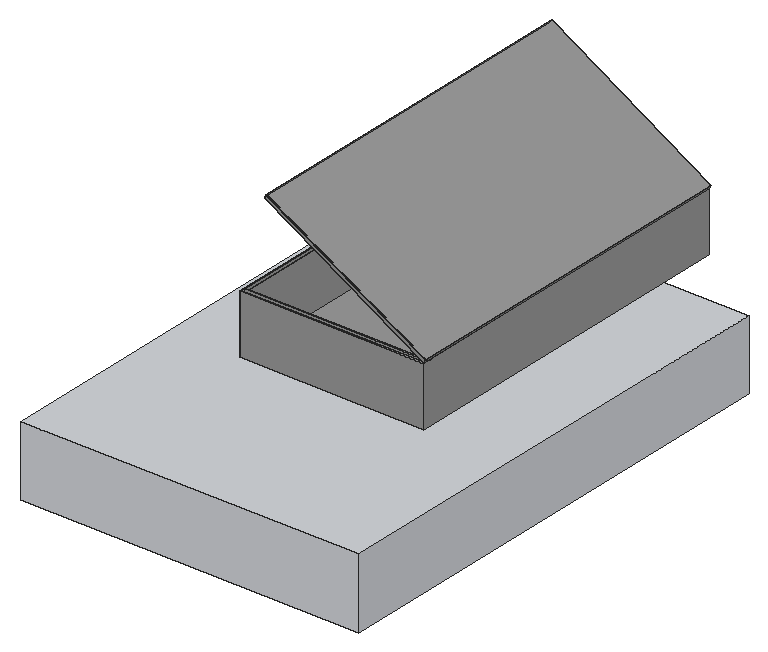
Revit family "Hager-Univers-IP55-D275-H1550-Cl.II-Steel_encl-NL-en", category Equipement électrique, Revit 2020
Family settings
  Hôte = Face
  Configuration du panneau = Deux colonnes, circuits au sein
  Cote de connecteur circulaire = Utiliser le diamètre
  Type d'élément = Tableau de raccordement
  Couper avec des vides une fois chargée = Non
  Partagée = Non
  Point de calcul de pièce = Non
Parameters (values of type "Surface mounted (plaster) IP55 W800 H1550 D275  - FR03S")
  Width Control [instance] = if([EF000008 - Width] > Min Width, [EF000008 - Width], Min Width)  # 800 mm
  Commentaires du type = [HG000003 - Range]  # "Univers"
  Thickness Door [instance] = if([EF009171 - Material plate thickness door/cover] > 3 mm, 3 mm, [EF009171 - Material plate thickness door/cover])  # 1.5 mm
  Seal Frame Offset [instance] = 17 mm  # constant formula
  Plinth Visibility [instance] = [HG000027 - Plinth height] > 0 mm  # no
  Model = ""
  Min Width [instance] = 100 mm  # constant formula
  Min Height [instance] = 100 mm  # constant formula
  Min Depth [instance] = (2 * [EF009170 - Material plate thickness cabinet]) + 1 mm  # 4 mm
  Internal Frame Depth [instance] = (Door System Depth * 0.5)  # 9 mm
  Height Control [instance] = if([EF000040 - Height] > Min Height, [EF000040 - Height], Min Height)  # 1550 mm
  HG000027 - Plinth height = 0 mm
  HG000026 - Floor standing = no
  HG000024 - Bottom section height = 800 mm
  HG000023 - Double section enclosure = no
  HG000016 - Door 3d visibility [instance] = yes
  HG000015 - Clearance visibility [instance] = no
  HG000014 - Door on the right [instance] = yes
  HG000013 - Door on the left [instance] = not([HG000014 - Door on the right])  # no
  HG000012 - Door swing angle [instance] = 30.00°
  HG000010 - Asymmetric doors = no
  HG000009 - Double swing door = no
  HG000006 - Flush mounted = no
  HG000004 - Manufacturer reference = "FR03S"
  HG000003 - Range = "Univers"
  HG000002 - With door or cover = yes
  Frame Offset Bottom [instance] = 10 mm  # constant formula
  Frame Offset [instance] = 15 mm  # constant formula
  EF015940 - Cover with overpressure release = no
  EF011959 - Degree of protection (NEMA) = ""
  EF009554 - Number of openings for flange plates = 6
  EF009212 - Cover model = "EV000116 - Closed"
  EF009171 - Material plate thickness door/cover = 1.5 mm
  EF009170 - Material plate thickness cabinet = 1.5 mm
  Fabricant = "Hager"  # constant formula
  EF008873 - Nominal current (In) = 800 A
  EF007800 - Suitable for lightning protection = no
  EF006306 - With lock = no
  EF006244 - Transparent cover/door = no
  EF005474 - Degree of protection (IP) = "EV006420 - IP55"
  EF004464 - Type of door = "EV002646 - Single"
  EF004427 - Number of modules = 360
  EF004293 - Impact strength = "EV008784 - IK10"
  EF003532 - Suitable for outdoor use = no
  EF002950 - Width in number of modular spacings = 24
  EF001613 - Circuit integrity = "EV000494 - None"
  EF001596 - Material housing = "EV000179 - Steel"
  EF001131 - Internal depth = 275 mm
  EF001088 - Extension possible = yes
  EF000437 - Number of conduit inlets = 6
  EF000339 - Type of cover = "EV004216 - Door"
  EF000266 - Number of rows = 10
  EF000218 - Built-in depth = 0 mm
  EF000118 - With mounting plate = no
  EF000116 - RAL-number = "7035"
  EF000049 - Depth = 275 mm
  EF000040 - Height = 1550 mm
  EF000008 - Width = 800 mm
  EF000007 - Colour = "EV000270 - Grey"
  EF000003 - Mounting method = "EV000384 - Surface mounted (plaster)"
  Door System Leaf Tolerance [instance] = 1.5 mm  # constant formula
  Door System Depth [instance] = 18 mm  # constant formula
  Door Height [instance] = Height Control - [HG000027 - Plinth height]  # 1550 mm
  Depth Control [instance] = if([EF000049 - Depth] > Min Depth, [EF000049 - Depth], Min Depth)  # 275 mm
  Default Elevation = 0 mm
  Connector Offset [instance] = Height Control / 2  # 775 mm
  Bottom Top Plate Trim [instance] = 1.5 mm  # constant formula
  Plinth height Ctrl [instance] = if([HG000027 - Plinth height] > 0 mm, [HG000027 - Plinth height], 12 mm)  # 12 mm
Types (5, lengths in mm): name | Width Control | HG000010 - Asymmetric doors | HG000009 - Double swing door | HG000004 - Manufacturer reference | EF009554 - Number of openings for flange plates | EF004464 - Type of door | EF004427 - Number of modules | EF000437 - Number of conduit inlets | EF000008 - Width
  Surface mounted (plaster) IP55 W1050 H1550 D275  - FR04S | 1050 | no | yes | "FR04S" | 8 | "EV003602 - Double" | 480 | 8 | 1050
  Surface mounted (plaster) IP55 W1300 H1550 D275  - FR05S | 1300 | yes | yes | "FR05S" | 10 | "EV003602 - Double" | 600 | 10 | 1300
  Surface mounted (plaster) IP55 W300 H1550 D275  - FR01S | 300 | no | no | "FR01S" | 2 | "EV002646 - Single" | 120 | 2 | 300
  Surface mounted (plaster) IP55 W550 H1550 D275  - FR02S | 550 | no | no | "FR02S" | 4 | "EV002646 - Single" | 240 | 4 | 550
  Surface mounted (plaster) IP55 W800 H1550 D275  - FR03S | 800 | no | no | "FR03S" | 6 | "EV002646 - Single" | 360 | 6 | 800
Reference planes
  plane 1 "Center (Front/Back)": y = 0
  plane 2: z = 0
  plane 3 "Center (Left/Right)": x = 0
  plane 4: z = 275
  plane 5: y = 1.5
  plane 6: y = 775
  plane 7: y = 0
  plane 8: y = 1550
  plane 9: z = 0
  plane 10: x = -385
  plane 11: x = 385
  plane 12: x = 383.5
  plane 13: x = -383.5
  plane 14: y = 1548.5
  plane 15: x = -383
  plane 16: x = -400
  plane 17: x = 383
  plane 18: x = 400
  plane 19: x = 398.5
  plane 20: x = -398.5
  plane 21: y = 11.5
  plane 22: y = 1550
  plane 23: y = 1533.5
  plane 24: z = 257
  plane 25: z = 1.5
  plane 26: z = 255.5
  plane 27: z = 273.5
Forms (mm)
  Extrusion 1, solid
    sketch origin (0, 0, 0) x (1, 0, 0) y (0, 1, 0)
      loop
        line (-702.964, 1305) -> (-702.964, -811.445) -> (766.763, -811.445) -> (766.763, 1305) -> (-702.964, 1305)
    from 0 to -304.8
  Extrusion 2, solid, material "Hager_Steel_RAL7035_Light_Grey", visible <- "Plinth Visibility", detail levels medium+fine
    sketch origin (0, 0, 0) x (1, 0, 0) y (0, 1, 0)
      loop
        line (-400, 0) -> (400, 0) -> (400, 12) -> (-400, 12) -> (-400, 0)
    from 0 to 257
  Extrusion 3, solid, material "Hager_Steel_RAL7035_Light_Grey", detail levels medium+fine
    sketch origin (0, 0, 0) x (1, 0, 0) y (0, 1, 0)
      loop
        line (-400, 0) -> (400, 0) -> (400, 1550) -> (-400, 1550) -> (-400, 0)
    from 0 to 257
  Extrusion 4, void
    sketch origin (0, 0, 0) x (1, 0, 0) y (0, 1, 0)
      loop
        line (-398.5, 1.5) -> (398.5, 1.5) -> (398.5, 1548.5) -> (-398.5, 1548.5) -> (-398.5, 1.5)
    from 1.5 to 255.5
  Extrusion 5, void
    sketch origin (-381.607, -4572, 257) x (0, -1, 0) y (-1, 0, 0)
      loop
        line (-4583.5, 1.893) -> (-6105.5, 1.893) -> (-6105.5, -765.107) -> (-4583.5, -765.107) -> (-4583.5, 1.893)
    from 0 to 1.5 <- "EF009170 - Material plate thickness cabinet"
  Extrusion 6, solid, material "Hager_Steel_RAL7035_Light_Grey", detail levels fine
    sketch origin (0, 0, 257) x (1, 0, 0) y (0, 1, 0)
      loop
        line (-383.5, 1533.5) -> (-383.5, 11.5) -> (383.5, 11.5) -> (383.5, 1533.5) -> (-383.5, 1533.5)
      loop
        line (-385, 10) -> (385, 10) -> (385, 1535) -> (-385, 1535) -> (-385, 10)
    from 0 to 9 <- "Internal Frame Depth"
  Extrusion 7, solid, material "Hager_Steel_RAL7035_Light_Grey", detail levels coarse
    sketch origin (0, 0, 0) x (1, 0, 0) y (0, 1, 0)
      loop
        line (-400, 0) -> (400, 0) -> (400, 1550) -> (-400, 1550) -> (-400, 0)
    from 0 to 275
  Sweep 8, void
    path in 3D
      loop
        line (-400, 12, 0) -> (400, 12, 0) -> (400, 12, 257) -> (-400, 12, 257) -> (-400, 12, 0)
    profile origin (-400, 12, 128.5) x (-1, 0, 0) y (0, -1, 0)
      loop
        line (0, 0) -> (0, 1.5) -> (-1.5, 1.5)
        arc (-1.5, 1.5) -> (-1.061, 0.439) -> (0, 0) r 1.5
Cuts and joins
  Extrusion 4, Extrusion 5 cuts Extrusion 3
  Sweep 8 cuts Extrusion 2
Lines and regions (mm)
  Masking region 1
    outline origin (0, 0, 0) x (1, 0, 0) y (0, 0, 1)
      loop
        line (-400, 275) -> (-400, 0) -> (400, 0) -> (400, 275) -> (-400, 275)
  Masking region 2, detail levels medium+fine
    outline origin (0, 140, 0) x (0, 1, 0) y (0, 0, 1)
      loop
        line (-140, 0) -> (1410, 0) -> (1410, 257) -> (-140, 257) -> (-140, 0)
  Masking region 3, not visible, detail levels medium+fine
    outline origin (0, 297.922, 0) x (0, 1, 0) y (0, 0, 1)
      loop
        line (488.578, 0) -> (528.578, 0) -> (528.578, 263.5)
        arc (528.578, 263.5) -> (525.649, 270.571) -> (518.578, 273.5) r 10
        line (518.578, 273.5) -> (488.578, 273.5) -> (488.578, 0)
  Masking region 4, detail levels coarse
    outline origin (0, 0, 180) x (0, 1, 0) y (0, 0, 1)
      loop
        line (0, -180) -> (1550, -180) -> (1550, 95) -> (0, 95) -> (0, -180)
  Masking region 5, visible <- "Plinth Visibility", detail levels medium+fine
    outline origin (0, 52.24, 12.345) x (0, 0, -1) y (0, 1, 0)
      loop
        line (10.845, -40.24) -> (-243.155, -40.24)
        arc (-243.155, -40.24) -> (-243.594, -41.301) -> (-244.655, -41.74) r 1.5
        line (-244.655, -41.74) -> (-244.655, -52.24) -> (12.345, -52.24) -> (12.345, -41.74)
        arc (12.345, -41.74) -> (11.285, -41.301) -> (10.845, -40.24) r 1.5
  Masking region 6, detail levels medium+fine
    outline origin (-381.607, -4572, 257) x (-1, 0, 0) y (0, -1, 0)
      loop
        line (18.393, -6122) -> (18.393, -4572) -> (-781.607, -4572) -> (-781.607, -6122) -> (18.393, -6122)
  Masking region 7, visible <- "Plinth Visibility", detail levels medium+fine
    outline origin (-381.607, -4727, 257) x (-1, 0, 0) y (0, -1, 0)
      loop
        arc (16.893, -4739) -> (17.332, -4737.939) -> (18.393, -4737.5) r 1.5
        line (18.393, -4737.5) -> (18.393, -4727) -> (-781.607, -4727) -> (-781.607, -4737.5)
        arc (-781.607, -4737.5) -> (-780.546, -4737.939) -> (-780.107, -4739) r 1.5
        line (-780.107, -4739) -> (16.893, -4739)
  Masking region 8, detail levels coarse
    outline origin (-442.548, -4669.526, 257) x (-1, 0, 0) y (0, -1, 0)
      loop
        line (-42.548, -6219.526) -> (-42.548, -4669.526) -> (-842.548, -4669.526) -> (-842.548, -6219.526) -> (-42.548, -6219.526)
  sketch lines
    curve 1: line (-400, 12, 257) -> (-400, 12, 0)
    curve 2: line (400, 12, 257) -> (-400, 12, 257)
    curve 3: line (400, 12, 257) -> (400, 12, 0)
    curve 4: line (-400, 12, 0) -> (400, 12, 0)
Dimensions and locks
  "Depth Control": plane 4 to Extrusion 1
  "HG000027 - Plinth height": plane 1 "Center (Front/Back)" to plane 7
  "EF009170 - Material plate thickness cabinet": plane 5 to plane 7
  locked: connector elem to plane 3 "Center (Left/Right)"
  equal spacing: plane 8, plane 6, plane 7
  locked: connector elem to plane 6
  "EF009170 - Material plate thickness cabinet": plane 8 to plane 14
  "EF009170 - Material plate thickness cabinet": plane 10 to plane 13
  "EF009170 - Material plate thickness cabinet": plane 12 to plane 11
  "Frame Offset": plane 20 to plane 13
  "Frame Offset": plane 12 to plane 19
  "EF009170 - Material plate thickness cabinet": plane 16 to plane 20
  "EF009170 - Material plate thickness cabinet": plane 19 to plane 18
  "Seal Frame Offset": plane 16 to plane 15
  "Seal Frame Offset": plane 17 to plane 18
  "Frame Offset Bottom": plane 21 to plane 5
  "Frame Offset": plane 14 to plane 23
  equal spacing: plane 16, plane 3 "Center (Left/Right)", plane 18
  "Width Control": plane 16 to plane 18
  "EF009170 - Material plate thickness cabinet": plane 4 to plane 27
  "EF009170 - Material plate thickness cabinet": plane 24 to plane 26
  "EF009170 - Material plate thickness cabinet": plane 25 to level
  "Door System Depth": plane 4 to plane 24
  "Height Control": plane 1 "Center (Front/Back)" to Extrusion 7 sketch curve
  "Height Control": Masking region 4 sketch curve to plane 1 "Center (Front/Back)"
  "Height Control": plane 1 "Center (Front/Back)" to plane 22
  "Bottom Top Plate Trim": profile plane to Sweep 8 sketch curve
  "Bottom Top Plate Trim": Sweep 8 sketch curve to profile plane
  "Plinth height Ctrl": plane 1 "Center (Front/Back)" to Extrusion 2 sketch curve
  "Plinth height Ctrl": Masking region 5 sketch curve to plane 1 "Center (Front/Back)"
  "Plinth height Ctrl": plane 1 "Center (Front/Back)" to Masking region 7 sketch curve
  "Thickness Door": Extrusion 6 sketch curve to Extrusion 6 sketch curve  (x3)
  "Thickness Door": cut or joined group of Extrusion 3, Extrusion 4, Extrusion 5 to Extrusion 6 sketch curve
  radius of Masking region 3 sketch curve = 10 mm
  "Bottom Top Plate Trim": radius of Masking region 5 sketch curve  (x2)
  "Bottom Top Plate Trim": radius of Sweep 8 sketch curve
  "Bottom Top Plate Trim": radius of Masking region 7 sketch curve  (x2)
  aligned and locked: plane 2 to Extrusion 1
  aligned and locked: level to Extrusion 1
  aligned and locked: level to Masking region 1 sketch curve
  aligned and locked: Masking region 1 sketch curve to plane 18
  aligned and locked: Masking region 1 sketch curve to plane 16
  aligned and locked: plane 7 to Masking region 2 sketch curve
  aligned and locked: level to Masking region 3 sketch curve
  aligned and locked: Masking region 3 sketch curve to plane 27
  aligned and locked: level to Masking region 2 sketch curve
  aligned and locked: plane 1 "Center (Front/Back)" to Extrusion 2 sketch curve
  aligned and locked: Extrusion 3 sketch curve to plane 7
  aligned and locked: plane 16 to Extrusion 3 sketch curve
  aligned and locked: plane 18 to Extrusion 3 sketch curve
  aligned and locked: plane 20 to Extrusion 4 sketch curve
  aligned and locked: plane 19 to Extrusion 4 sketch curve
  aligned and locked: Extrusion 4 sketch curve to plane 5
  aligned and locked: Extrusion 4 to plane 25
  aligned and locked: plane 26 to Extrusion 4
  aligned and locked: plane 24 to Extrusion 3
  aligned and locked: Extrusion 5 sketch curve to plane 21
  aligned and locked: Extrusion 5 sketch curve to plane 13
  aligned and locked: Extrusion 5 sketch curve to plane 12
  aligned and locked: plane 18 to Extrusion 7 sketch curve
  aligned and locked: plane 1 "Center (Front/Back)" to Extrusion 7 sketch curve
  aligned and locked: plane 16 to Extrusion 7 sketch curve
  aligned and locked: plane 4 to Extrusion 7
  aligned and locked: Extrusion 7 to level
  aligned and locked: level to Masking region 4 sketch curve
  aligned and locked: Masking region 4 sketch curve to plane 1 "Center (Front/Back)"
  aligned and locked: Masking region 4 sketch curve to plane 4
  aligned and locked: nested 1 to level
  aligned and locked: nested 1 to plane 16
  aligned and locked: plane 8 to Extrusion 3 sketch curve
  aligned and locked: plane 23 to Extrusion 5 sketch curve
  aligned and locked: plane 14 to Extrusion 4 sketch curve
  aligned and locked: Masking region 2 sketch curve to plane 8
  aligned and locked: level to Masking region 5 sketch curve
  aligned and locked: plane 16 to Extrusion 2 sketch curve
  aligned and locked: plane 18 to Extrusion 2 sketch curve
  aligned and locked: Masking region 5 sketch curve to plane 24
  aligned and locked: Masking region 2 sketch curve to plane 24
  aligned and locked: plane 24 to Extrusion 2
  aligned and locked: profile plane to Sweep 8 sketch curve  (x2)
  aligned and locked: Masking region 6 sketch curve to plane 18
  aligned and locked: Masking region 6 sketch curve to plane 22
  aligned and locked: Masking region 6 sketch curve to plane 16
  aligned and locked: plane 8 to plane 22
  aligned and locked: Masking region 6 sketch curve to plane 7
  aligned and locked: Masking region 7 sketch curve to plane 16
  aligned and locked: Masking region 7 sketch curve to plane 1 "Center (Front/Back)"
  aligned and locked: Masking region 7 sketch curve to plane 18
  aligned and locked: Masking region 8 sketch curve to plane 1 "Center (Front/Back)"
  aligned and locked: Masking region 8 sketch curve to plane 18
  aligned and locked: Masking region 8 sketch curve to plane 22
  aligned and locked: Masking region 8 sketch curve to plane 16
  aligned and locked: nested 2 to plane 7
  aligned and locked: plane 3 "Center (Left/Right)" to nested 2
  aligned and locked: nested 2 to plane 24
  aligned and locked: Extrusion 6 sketch curve to cut or joined group of Extrusion 3, Extrusion 4, Extrusion 5  (x4)
Automatic sketch dimensions
  Extrusion 1 sketch curve to Extrusion 1 sketch curve = 1469.727 mm
  Extrusion 1 sketch curve to Extrusion 1 sketch curve = 2116.445 mm
  Masking region 1 sketch curve to plane 4 = 0 mm
  plane 6 to Masking region 3 sketch curve = 11.5 mm
  Masking region 3 sketch curve to Masking region 3 sketch curve = 30 mm
  Masking region 5 sketch curve to plane 1 "Center (Front/Back)" = 0 mm
Nested families
  nested 1: "Hager_Enclosure_Symbol" at (-400, 0, 0) x (1, 0, 0) z (0, -1, 0), Height <- "Depth Control", Width <- "Width Control", type "Hager_Enclosure_Symbol"
    with Width_Ctrl 800 mm, Width 800 mm, Height_Ctrl 275 mm, Height 275 mm, A_Width_Int 18.047 mm, A_Width 216.562 mm, A_Height_Ctrl 240.625 mm, A_Height 240.625 mm
  nested 2: "EC000058_Univers_Door" at (0, 0, 257) x (1, 0, 0) z (0, 1, 0), Leaf_Tolerance <- "Door System Leaf Tolerance", Angle <- "HG000012 - Door swing angle", Door_Depth <- "Door System Depth", Door_Left <- "HG000013 - Door on the left", Transparent <- "EF006244 - Transparent cover/door", Assymetrical <- "HG000010 - Asymmetric doors", Width <- "Width Control", Clearance <- "HG000015 - Clearance visibility", Double <- "HG000009 - Double swing door", 3d_Door <- "HG000016 - Door 3d visibility", Lock_Visibility <- "EF006306 - With lock", Width_Ctrl <- "Width Control", Door_Right <- "HG000014 - Door on the right", Door <- "HG000002 - With door or cover", Height <- "Door Height", Thickness <- "Thickness Door", type "EC000058_Univers_Door", detail levels medium+fine
    with min_wh 4 mm, Width_Ctrl 800 mm, Width 800 mm, Transparent no, Thickness 1.5 mm, Seal_Material Hager_Rubber, Lock_Visibility no, Lock_Material Hager_Plastic_RAL9005_Jet_Black, Leaf_Width 800 mm, Leaf_Tolerance_External_Sides 0 mm, Leaf_Tolerance 1.5 mm, Leaf_Offset 0 mm, Leaf_Height 1547 mm, Leaf_2_Width 800 mm, Leaf_2_Offset 400 mm, Leaf_1_Width 800 mm, Leaf_1_Offset 400 mm, Height_Ctrl 1550 mm, Height 1550 mm, Glass_Material Hager_Glass, Double_Clearance_Ctrl no, Double no, Door_Right_Ctrl yes, Door_Right yes, Door_Material Hager_Steel_RAL7035_Light_Grey, Door_Left_Ctrl no, Door_Left no, Door_Depth 18 mm, Door yes, Clearance_Material Hager_Clearance, Clearance_Depth 800 mm, Clearance_Ctrl no, Clearance no, Assymetrical no, Angle 30.00°, 3d_Door yes
Connectors
  electrical at (0, 775, 0)
    settings: on plane 9, index 1, voltage 0 V, apparent load 0 VA, apparent load phase1 0 VA, apparent load phase2 0 VA, apparent load phase3 0 VA, power factor 1, load classification "Other", number of poles 1, system type 30, power factor state 1, is connector primary yes, connector utility no, sub classification motor no, connector description ""
Definition of nested family "EC000058_Univers_Door"
  Parameters (values of type "EC000058_Univers_Door")
    min_wh [instance] = (2 * Thickness) + 1 mm  # 11 mm
    Width_Ctrl [instance] = 400 mm
    Width [instance] = 500 mm
    Transparent [instance] = yes
    Thickness [instance] = 5 mm
    Seal_Material [instance] = none
    Lock_Visibility [instance] = yes
    Lock_Material [instance] = none
    Leaf_Width [instance] = if((Width_Ctrl - 2 * Leaf_Tolerance_External_Sides) > 0 mm, (Width_Ctrl - 2 * Leaf_Tolerance_External_Sides), min_wh)  # 400 mm
    Leaf_Tolerance_External_Sides [instance] = 0 mm  # constant formula
    Leaf_Tolerance [instance] = 1.5 mm
    Leaf_Offset [instance] = 0 mm  # constant formula
    Leaf_Height [instance] = if((Height_Ctrl - 2 * Leaf_Tolerance) > 0 mm, (Height_Ctrl - 2 * Leaf_Tolerance), min_wh)  # 497 mm
    Leaf_2_Width [instance] = if(and(and(Double, Assymetrical), Door_Left), (Leaf_Width / 3) - (Leaf_Tolerance / 2), if(and(and(Double, Assymetrical), Door_Right), (Leaf_Width / 3) * 2 - (Leaf_Tolerance / 2), if(and(Double, not(Assymetrical)), (Leaf_Width / 2) - Leaf_Tolerance, Leaf_Width)))  # 400 mm
    Leaf_2_Offset [instance] = if(and(Double, Assymetrical), Leaf_2_Width / 2, if(and(Double, not(Assymetrical)), Leaf_Width / 4, Leaf_Width / 2))  # 200 mm
    Leaf_1_Width [instance] = if(and(and(Double, Assymetrical), Door_Right), (Leaf_Width / 3) - (Leaf_Tolerance / 2), if(and(and(Double, Assymetrical), Door_Left), (Width / 3) * 2 - (Leaf_Tolerance / 2), if(and(Double, not(Assymetrical)), (Leaf_Width / 2) - Leaf_Tolerance, Leaf_Width)))  # 400 mm
    Leaf_1_Offset [instance] = if(and(Double, Assymetrical), Leaf_1_Width / 2, if(and(Double, not(Assymetrical)), Leaf_Width / 4, Leaf_Width / 2))  # 200 mm
    Height_Ctrl [instance] = if(Height > min_wh, Height, min_wh)  # 500 mm
    Height [instance] = 500 mm
    Glass_Material [instance] = none
    Double_Clearance_Ctrl [instance] = and(Double, Clearance)  # no
    Double [instance] = no
    Door_Right_Ctrl [instance] = and(or(Door_Right, Double), Door)  # yes
    Door_Right [instance] = yes
    Door_Material [instance] = none
    Door_Left_Ctrl [instance] = and(or(Door_Left, Double), Door)  # no
    Door_Left [instance] = no
    Door_Depth [instance] = 30 mm
    Door [instance] = yes
    Default Elevation = 1219.2 mm
    Clearance_Material [instance] = none
    Clearance_Depth [instance] = if(Leaf_1_Width > Leaf_2_Width, Leaf_1_Width, Leaf_2_Width)  # 400 mm
    Clearance_Ctrl [instance] = and(not(Double), Clearance)  # yes
    Clearance [instance] = yes
    Assymetrical [instance] = yes
    Angle [instance] = 30.00°
    3d_Door [instance] = yes
  Reference planes
    plane 1 "Center (Front/Back)": y = 0
    plane 2 "Bottom": z = 0
    plane 3 "Center (Left/Right)": x = 0
    plane 4: z = 500
    plane 5: x = -200
    plane 6: x = 200
    plane 7: z = 500
    plane 8: x = -200
    plane 9: z = 0
    plane 10: x = 200
    plane 11: y = 0
    plane 12: z = 1.5
    plane 13: x = -600
    plane 14: y = -400
    plane 15: x = 600
    plane 16: x = 0
    plane 17: x = 0
    plane 18: x = -200
    plane 19: x = 200
    plane 20: z = 498.5
  Forms (mm)
    Extrusion 1, solid, material <- "Clearance_Material", visible <- "Double_Clearance_Ctrl"
      sketch origin (1200, 0, 0) x (1, 0, 0) y (0, 0, -1)
        loop
          line (-1800, -498.5) -> (-600, -498.5) -> (-600, 0) -> (-1800, 0) -> (-1800, -498.5)
      from 0 to -400
  Dimensions and locks
    equal spacing: plane 5, plane 3 "Center (Left/Right)", plane 6
    "Width_Ctrl": plane 5 to plane 6
    "Leaf_Offset": plane 5 to plane 8
    "Leaf_Offset": plane 6 to plane 10
    "Leaf_Offset": plane 9 to level
    "Leaf_Offset": plane 4 to plane 7
    "Height_Ctrl": plane 4 to level
    "Leaf_Tolerance": plane 12 to plane 9
    locked: plane 11 to plane 1 "Center (Front/Back)"
    "Leaf_1_Offset": plane 18 to plane 16
    "Leaf_2_Offset": plane 17 to plane 19
    "Leaf_1_Width": plane 13 to plane 8
    "Leaf_2_Width": plane 10 to plane 15
    "Clearance_Depth": plane 14 to plane 1 "Center (Front/Back)"
    "Leaf_Tolerance_External_Sides": plane 8 to plane 18
    "Leaf_Tolerance_External_Sides": plane 19 to plane 10
    "Leaf_Tolerance": plane 7 to plane 20
    aligned and locked: level to plane 2 "Bottom"
    aligned and locked: nested 1 to plane 16
    aligned and locked: nested 2 to plane 17
    aligned and locked: Extrusion 1 to plane 13
    aligned and locked: plane 15 to Extrusion 1
    aligned and locked: Extrusion 1 to plane 14
    aligned and locked: plane 12 to nested 1
    aligned and locked: nested 2 to plane 12
    aligned and locked: Extrusion 1 to plane 11
    aligned and locked: plane 20 to Extrusion 1
    aligned and locked: nested 2 to plane 11
    aligned and locked: nested 1 to plane 11
  Automatic sketch dimensions
    Extrusion 1 sketch curve to level = 0 mm
    plane 5 to Extrusion 1 sketch curve = 400 mm
    plane 6 to Extrusion 1 sketch curve = 400 mm
    Extrusion 1 sketch curve to plane 4 = 1.5 mm
  Nested families
    nested 1: "EC000058_Univers_Door_Leaf" at (0, 0, 1.5), Width <- "Leaf_1_Width", visible <- "Door_Left_Ctrl", Leaf_Height <- "Leaf_Height", Angle <- "Angle", 3d_Door <- "3d_Door", Transparent <- "Transparent", Clearance Material <- "Clearance_Material", Clearance <- "Clearance_Ctrl", Door_Material <- "Door_Material", Glass_Material <- "Glass_Material", Door_Depth <- "Door_Depth", Lock_Material <- "Lock_Material", Seal_Material <- "Seal_Material", Lock_Visibility <- "Lock_Visibility", Thickness <- "Thickness", type "EC000058_Univers_Door_Leaf"
      with Width 400 mm, Transparent_Glass_Offset 30 mm, Transparent_Ctrl yes, Transparent yes, Thickness 5 mm, Standard no, Seal_Material none, Seal_D2 8 mm, Seal_D1 1 mm, Offset_Internal_Frame 10 mm, Lock_Width 20 mm, Lock_Visibility_3d yes, Lock_Visibility yes, Lock_Thickness_3 3 mm, Lock_Thickness_2 1 mm, Lock_Thickness_1 3 mm, Lock_Radius_Offset_2 16 mm, Lock_Radius_Offset_1 15 mm, Lock_Radius_2 5 mm, Lock_Radius 6 mm, Lock_Offset 5 mm, Lock_Material none, Lock_Height 80 mm, Lock_Cover_Top_Offset_2d 17 mm, Lock_Cover_Height -65 mm, Leaf_Height 497 mm, Internal_Seal_Thickness 8 mm, Internal_Seal_Depth_2 4.5 mm, Internal_Frame_Depth 25 mm, Glass_Thickness -1 mm, Glass_Offset -2 mm, Glass_Material none, Door_Material none, Door_Depth 30 mm, Clearance Material none, Clearance yes, Angle_Ctrl 30.00°, Angle 30.00°, 3d_Door yes
    nested 2: "EC000058_Univers_Door_Leaf" at (0, 0, 1.5) x (-1, 0, 0) z (0, 0, 1), Width <- "Leaf_2_Width", visible <- "Door_Right_Ctrl", Leaf_Height <- "Leaf_Height", Angle <- "Angle", 3d_Door <- "3d_Door", Transparent <- "Transparent", Clearance Material <- "Clearance_Material", Clearance <- "Clearance_Ctrl", Door_Material <- "Door_Material", Glass_Material <- "Glass_Material", Door_Depth <- "Door_Depth", Lock_Material <- "Lock_Material", Seal_Material <- "Seal_Material", Lock_Visibility <- "Lock_Visibility", Thickness <- "Thickness", type "EC000058_Univers_Door_Leaf"
      with Width 400 mm, Transparent_Glass_Offset 30 mm, Transparent_Ctrl yes, Transparent yes, Thickness 5 mm, Standard no, Seal_Material none, Seal_D2 8 mm, Seal_D1 1 mm, Offset_Internal_Frame 10 mm, Lock_Width 20 mm, Lock_Visibility_3d yes, Lock_Visibility yes, Lock_Thickness_3 3 mm, Lock_Thickness_2 1 mm, Lock_Thickness_1 3 mm, Lock_Radius_Offset_2 16 mm, Lock_Radius_Offset_1 15 mm, Lock_Radius_2 5 mm, Lock_Radius 6 mm, Lock_Offset 5 mm, Lock_Material none, Lock_Height 80 mm, Lock_Cover_Top_Offset_2d 17 mm, Lock_Cover_Height -65 mm, Leaf_Height 497 mm, Internal_Seal_Thickness 8 mm, Internal_Seal_Depth_2 4.5 mm, Internal_Frame_Depth 25 mm, Glass_Thickness -1 mm, Glass_Offset -2 mm, Glass_Material none, Door_Material none, Door_Depth 30 mm, Clearance Material none, Clearance yes, Angle_Ctrl 30.00°, Angle 30.00°, 3d_Door yes
  Definition of nested family "EC000058_Univers_Door_Leaf"
    Parameters (values of type "EC000058_Univers_Door_Leaf")
      Width [instance] = 2000 mm
      Transparent_Glass_Offset [instance] = 30 mm
      Transparent_Ctrl [instance] = and(Transparent, [3d_Door])  # yes
      Transparent [instance] = yes
      Thickness [instance] = 5 mm
      Standard [instance] = and(not(Transparent), [3d_Door])  # no
      Seal_Material [instance] = none
      Seal_D2 [instance] = 8 mm  # constant formula
      Seal_D1 [instance] = 1 mm  # constant formula
      Offset_Internal_Frame [instance] = 10 mm  # constant formula
      Lock_Width [instance] = 20 mm  # constant formula
      Lock_Visibility_3d [instance] = and(Lock_Visibility, [3d_Door])  # yes
      Lock_Visibility [instance] = yes
      Lock_Thickness_3 [instance] = 3 mm  # constant formula
      Lock_Thickness_2 [instance] = 1 mm  # constant formula
      Lock_Thickness_1 [instance] = 3 mm  # constant formula
      Lock_Radius_Offset_2 [instance] = Lock_Radius_Offset_1 + 1 mm  # 16 mm
      Lock_Radius_Offset_1 [instance] = 15 mm  # constant formula
      Lock_Radius_2 [instance] = Lock_Radius - 1 mm  # 5 mm
      Lock_Radius [instance] = 6 mm  # constant formula
      Lock_Offset [instance] = 5 mm  # constant formula
      Lock_Material [instance] = none
      Lock_Height [instance] = 80 mm  # constant formula
      Lock_Cover_Top_Offset_2d [instance] = Lock_Radius_Offset_2 + 1 mm  # 17 mm
      Lock_Cover_Height [instance] = -(Lock_Height - Lock_Radius_Offset_1)  # -65 mm
      Leaf_Height [instance] = 2720.336 mm
      Internal_Seal_Thickness [instance] = 8 mm  # constant formula
      Internal_Seal_Depth_2 [instance] = 4.5 mm  # constant formula
      Internal_Frame_Depth [instance] = if(Door_Depth - Thickness > 5 mm, Door_Depth - Thickness, 5 mm)  # 25 mm
      Glass_Thickness [instance] = if(Thickness > 15 mm, Glass_Offset + 10 mm, -1 mm)  # -1 mm
      Glass_Offset [instance] = if(Thickness > 15 mm, -(Thickness + 10 mm) / 2, -2 mm)  # -2 mm
      Glass_Material [instance] = none
      Door_Material [instance] = none
      Door_Depth [instance] = 30 mm
      Default Elevation = 0 mm
      Clearance Material [instance] = none
      Clearance [instance] = yes
      Angle_Ctrl [instance] = if(Angle > 180.00°, 180.00°, Angle)  # 90.00°
      Angle [instance] = 90.00°
      3d_Door [instance] = yes
    Reference planes
      plane 1 "Center (Front/Back)": y = 0
      plane 2: z = 0
      plane 3 "Center (Left/Right)": x = 0
      plane 4: y = 2000
      plane 5: x = -1000
      plane 6: x = 1000
      plane 7: x = -3000
      plane 8: z = 2720.336
      plane 9: z = 30
      plane 10: z = 2690.336
      plane 11: x = 970
      plane 12: x = -970
      plane 13: y = -3
      plane 14: z = 107.833
      plane 15: y = -5
      plane 16: y = -223.314
      plane 17: x = -1000
      plane 18: z = 1360.168
      plane 19: y = 30
    Forms (mm)
      Extrusion 1, solid, material <- "Clearance Material", visible <- "Clearance"
        sketch origin (0, 0, 0) x (1, 0, 0) y (0, 0, 1)
          loop
            line (-3000, 2720.336) -> (-3000, 0) -> (1000, 0) -> (1000, 2720.336) -> (-3000, 2720.336)
        from 0 to -2000
      Extrusion 2, solid, material <- "Door_Material", visible <- "Standard", detail levels medium+fine
        sketch origin (-1000, 0, 0) x (0, 1, 0) y (-1, 0, 0)
          loop
            line (0, 30) -> (0, 25) -> (2000, 25) -> (2000, 30) -> (0, 30)
        from 0 to 2720.336 <- "Leaf_Height"
      Extrusion 3, solid, material <- "Door_Material", visible <- "Transparent_Ctrl", detail levels medium+fine
        sketch origin (-1000, 0, 0) x (0, 1, 0) y (-1, 0, 0)
          loop
            line (0, 25) -> (2000, 25) -> (2000, 30) -> (0, 30) -> (0, 25)
        from 0 to 2720.336 <- "Leaf_Height"
      Extrusion 4, void
        sketch origin (-1025, 2000, 0) x (0, 1, 0) y (0, 0, -1)
          loop
            line (-30, -2690.336) -> (-30, -30) -> (-1970, -30) -> (-1970, -2690.336) -> (-30, -2690.336)
        from 0 to 5 <- "Thickness"
      Sweep 5, solid, material <- "Seal_Material", visible <- "Transparent_Ctrl", detail levels fine
        path in 3D
          loop
            line (-1025, 30, 30) -> (-1025, 30, 2690.336) -> (-1025, 1970, 2690.336) -> (-1025, 1970, 30) -> (-1025, 30, 30)
        profile origin (-1025, 1000, 30) x (1, 0, 0) y (0, 0, 1)
          loop
            line (0, 0) -> (0, -8) -> (1, -8) -> (1, 0) -> (0, 0)
      Extrusion 6, solid, material <- "Glass_Material", visible <- "Transparent_Ctrl", detail levels medium+fine
        sketch origin (-1030, 0, 0) x (0, 1, 0) y (0, 0, -1)
          loop
            line (1970, -2690.336) -> (1970, -30) -> (30, -30) -> (30, -2690.336) -> (1970, -2690.336)
        from -2 <- "Glass_Offset" to -1 <- "Glass_Thickness"
      Extrusion 7, solid, material <- "Door_Material", visible <- "3d_Door", detail levels medium+fine
        sketch origin (-1025, 2000, 0) x (0, -1, 0) y (0, 0, -1)
          loop
            line (0, -2720.336) -> (2000, -2720.336) -> (2000, 0) -> (0, 0) -> (0, -2720.336)
          loop
            line (1995, -5) -> (5, -5) -> (5, -2715.336) -> (1995, -2715.336) -> (1995, -5)
        from 0 to 25 <- "Internal_Frame_Depth"
      Sweep 8, solid, material <- "Seal_Material", visible <- "Transparent_Ctrl", detail levels fine
        path in 3D
          loop
            line (-1025, 0, 0) -> (-1025, 2000, 0) -> (-1025, 2000, 2720.336) -> (-1025, 0, 2720.336) -> (-1025, 0, 0)
        profile origin (-1025, 0, 1360.168) x (1, 0, 0) y (0, 1, 0)
          loop
            line (0, 10) -> (2.975, 10)
            arc (2.975, 10) -> (4.053, 10.447) -> (4.5, 11.525) r 1.525
            line (4.5, 11.525) -> (4.5, 16.527)
            arc (4.5, 16.527) -> (4.069, 17.569) -> (3.027, 18) r 1.473
            line (3.027, 18) -> (0, 18) -> (0, 10)
      Extrusion 9, solid, material <- "Lock_Material", visible <- "Lock_Visibility_3d", detail levels fine
        sketch origin (-1030, 0, 0) x (0, 1, 0) y (0, 0, -1)
          loop
            arc (1993.5, -1400.168) -> (1994.561, -1399.729) -> (1995, -1398.668) r 1.5
            line (1995, -1398.668) -> (1995, -1320.168) -> (1975, -1320.168) -> (1975, -1398.668)
            arc (1975, -1398.668) -> (1975.439, -1399.729) -> (1976.5, -1400.168) r 1.5
            line (1976.5, -1400.168) -> (1993.5, -1400.168)
        from 3 <- "Lock_Thickness_1" to 0
      Blend 10, solid, material <- "Lock_Material", visible <- "Lock_Visibility_3d", detail levels fine
        base sketch origin (-1033, 0, 0) x (0, 1, 0) y (0, 0, -1)
          loop
            line (1975, -1320.168) -> (1975, -1398.668)
            arc (1975, -1398.668) -> (1975.439, -1399.729) -> (1976.5, -1400.168) r 1.5
            line (1976.5, -1400.168) -> (1993.5, -1400.168)
            arc (1993.5, -1400.168) -> (1994.561, -1399.729) -> (1995, -1398.668) r 1.5
            line (1995, -1398.668) -> (1995, -1320.168) -> (1975, -1320.168)
        top sketch origin (-1033, 0, 0) x (0, 1, 0) y (0, 0, -1)
          loop
            line (1976, -1320.168) -> (1976, -1398.668)
            arc (1976, -1398.668) -> (1976.146, -1399.022) -> (1976.5, -1399.168) r 0.5
            line (1976.5, -1399.168) -> (1993.5, -1399.168)
            arc (1993.5, -1399.168) -> (1993.854, -1399.022) -> (1994, -1398.668) r 0.5
            line (1994, -1398.668) -> (1994, -1320.168) -> (1976, -1320.168)
        from 0 to 1 <- "Lock_Thickness_2"
      Blend 11, solid, material <- "Lock_Material", visible <- "Lock_Visibility_3d", detail levels fine
        base sketch origin (-1034, 0, 0) x (0, 1, 0) y (0, 0, -1)
          loop
            line (1978, -1320.168) -> (1978, -1384.168)
            arc (1978, -1384.168) -> (1985, -1391.168) -> (1992, -1384.168) r 7
            line (1992, -1384.168) -> (1992, -1320.168) -> (1978, -1320.168)
        top sketch origin (-1034, 0, 0) x (0, 1, 0) y (0, 0, -1)
          loop
            line (1991, -1320.168) -> (1979, -1320.168) -> (1979, -1383.168)
            arc (1979, -1383.168) -> (1985, -1389.168) -> (1991, -1383.168) r 6
            line (1991, -1383.168) -> (1991, -1320.168)
        from 0 to 3 <- "Lock_Thickness_3"
      Extrusion 12, solid, material <- "Lock_Material", visible <- "Lock_Visibility_3d", detail levels fine
        sketch origin (-1030, 1975, 1320.168) x (1, 0, 0) y (0, -1, 0)
          loop
            line (-7, -19) -> (-7, -1) -> (0, -1) -> (0, 0) -> (-8, 0) -> (-8, -20) -> (0, -20) -> (0, -19) -> (-7, -19)
        from 0 to -65 <- "Lock_Cover_Height"
      Extrusion 13, void
        sketch origin (-1038, 1995, 1320.168) x (-1, 0, 0) y (0, 0, -1)
          loop
            line (-5, -65) -> (0, -65) -> (-5, -60) -> (-5, -65)
        from 0 to 20 <- "Lock_Width"
      Extrusion 14, void
        sketch origin (-1038, 1975, 1320.168) x (0, -1, 0) y (0, 0, -1)
          loop
            circle (-10, -15.995) r 6
          loop
            circle (-10, -15.995) r 5
        from 0 to 2
      Extrusion 15, solid, material <- "Lock_Material", visible <- "Lock_Visibility_3d", detail levels medium
        sketch origin (-1030, 0, 0) x (0, 1, 0) y (0, 0, -1)
          loop
            arc (1993.5, -1400.168) -> (1994.561, -1399.729) -> (1995, -1398.668) r 1.5
            line (1995, -1398.668) -> (1995, -1320.168) -> (1975, -1320.168) -> (1975, -1398.668)
            arc (1975, -1398.668) -> (1975.439, -1399.729) -> (1976.5, -1400.168) r 1.5
            line (1976.5, -1400.168) -> (1993.5, -1400.168)
        from 8 to 0
    Cuts and joins
      Extrusion 4 cuts Extrusion 3
      Extrusion 13, Extrusion 14 cuts Extrusion 9
      Extrusion 14 cuts Blend 11
      Extrusion 13, Extrusion 14 cuts Extrusion 12
      joined: Extrusion 9, Blend 10, Blend 11, Extrusion 12
      Extrusion 14 cuts Extrusion 15
    Lines and regions (mm)
      Masking region 1, visible <- "Lock_Visibility", detail levels fine
        outline origin (0, 0, 0) x (0, 1, 0) y (0, 0, 1)
          loop
            line (30, 1320.168) -> (33, 1320.168) -> (33, 1400.168) -> (30, 1400.168) -> (30, 1320.168)
      Masking region 2, visible <- "Lock_Visibility", detail levels fine
        outline origin (0, 3.143, 0) x (0, 1, 0) y (0, 0, 1)
          loop
            line (29.857, 1354.168) -> (30.857, 1354.168) -> (30.857, 1366.168) -> (29.857, 1366.168) -> (29.857, 1354.168)
      Masking region 3, detail levels medium+fine
        outline origin (0, 0, 0) x (0, 1, 0) y (0, 0, 1)
          loop
            line (0, 0) -> (30, 0) -> (30, 2720.336) -> (0, 2720.336) -> (0, 0)
      Masking region 4, detail levels medium+fine
        outline origin (0, 0, 0) x (1, 0, 0) y (0, 0, 1)
          loop
            line (-1000, 2720.336) -> (-1000, 0) -> (1000, 0) -> (1000, 2720.336) -> (-1000, 2720.336)
      Masking region 5, visible <- "Lock_Visibility", detail levels fine
        outline origin (-47.116, 0, 0) x (1, 0, 0) y (0, 0, 1)
          loop
            arc (1024.616, 1399.168) -> (1023.556, 1398.729) -> (1023.116, 1397.668) r 1.5
            line (1023.116, 1397.668) -> (1023.116, 1320.168) -> (1041.116, 1320.168) -> (1041.116, 1397.668)
            arc (1041.116, 1397.668) -> (1040.677, 1398.729) -> (1039.616, 1399.168) r 1.5
            line (1039.616, 1399.168) -> (1024.616, 1399.168)
      Masking region 6, visible <- "Lock_Visibility", detail levels medium+fine
        outline origin (-25, 0, 0) x (1, 0, 0) y (0, 0, 1)
          loop
            arc (1001.5, 1400.168) -> (1000.439, 1399.729) -> (1000, 1398.668) r 1.5
            line (1000, 1398.668) -> (1000, 1320.168) -> (1020, 1320.168) -> (1020, 1398.668)
            arc (1020, 1398.668) -> (1019.561, 1399.729) -> (1018.5, 1400.168) r 1.5
            line (1018.5, 1400.168) -> (1001.5, 1400.168)
      Masking region 7, visible <- "Lock_Visibility", detail levels fine
        outline origin (-73.735, 0, 0) x (1, 0, 0) y (0, 0, 1)
          loop
            line (1051.735, 1382.168) -> (1065.735, 1382.168) -> (1065.735, 1384.168)
            arc (1065.735, 1384.168) -> (1058.735, 1391.168) -> (1051.735, 1384.168) r 7
            line (1051.735, 1384.168) -> (1051.735, 1382.168)
      Masking region 8, visible <- "Lock_Visibility", detail levels fine
        outline origin (-73.735, 0, 0) x (1, 0, 0) y (0, 0, 1)
          loop
            line (1052.735, 1382.168) -> (1064.735, 1382.168) -> (1064.735, 1383.168)
            arc (1064.735, 1383.168) -> (1058.735, 1389.168) -> (1052.735, 1383.168) r 6
            line (1052.735, 1383.168) -> (1052.735, 1382.168)
      Masking region 9, visible <- "Lock_Visibility", detail levels fine
        outline origin (-25, 0, 0) x (1, 0, 0) y (0, 0, 1)
          loop
            line (1020, 1320.168) -> (1020, 1382.168) -> (1000, 1382.168) -> (1000, 1320.168) -> (1020, 1320.168)
      Masking region 10, detail levels medium+fine
        outline origin (0, 0, 0) x (1, 0, 0) y (0, 0, 1)
          loop
            circle (985, 1335.144) r 6
      Masking region 11, detail levels fine
        outline origin (0, 0, 0) x (1, 0, 0) y (0, 0, 1)
          loop
            circle (985, 1335.144) r 5
      Masking region 12, visible <- "Lock_Visibility", detail levels fine
        outline origin (0, 12.767, 0) x (0, 1, 0) y (0, 0, 1)
          loop
            line (20.233, 1320.168) -> (21.233, 1320.168) -> (21.233, 1399.168) -> (20.233, 1400.168) -> (20.233, 1320.168)
      Masking region 13, visible <- "Lock_Visibility", detail levels fine
        outline origin (0, 13.767, -10) x (0, 1, 0) y (0, 0, 1)
          loop
            line (20.233, 1330.168) -> (23.233, 1330.168) -> (23.233, 1399.168) -> (20.233, 1402.168) -> (20.233, 1330.168)
      Masking region 14, visible <- "Lock_Visibility", detail levels fine
        outline origin (0, 12.767, -10) x (0, 1, 0) y (0, 0, 1)
          loop
            line (20.233, 1330.168) -> (25.233, 1330.168) -> (25.233, 1399.305) -> (20.233, 1394.305) -> (20.233, 1330.168)
      Masking region 15, visible <- "Lock_Visibility", detail levels medium
        outline origin (0, 0, 0) x (0, 1, 0) y (0, 0, 1)
          loop
            line (30, 1320.168) -> (38, 1320.168) -> (38, 1400.168) -> (30, 1400.168) -> (30, 1320.168)
      Masking region 16, visible <- "Lock_Visibility", detail levels fine
        outline origin (-1000, 0, 0) x (0, 1, 0) y (-1, 0, 0)
          loop
            line (1975, 30) -> (1995, 30) -> (1995, 38) -> (1975, 38) -> (1975, 30)
          loop
            line (1979, 37) -> (1976, 37) -> (1976, 34) -> (1978, 34) -> (1979, 37)
          loop
            line (1994, 37) -> (1991, 37) -> (1992, 34) -> (1994, 34) -> (1994, 37)
      Masking region 17, visible <- "Lock_Visibility", detail levels medium
        outline origin (-1000, 0, 0) x (0, 1, 0) y (-1, 0, 0)
          loop
            line (1975, 30) -> (1995, 30) -> (1995, 38) -> (1975, 38) -> (1975, 30)
      symbolic lines
        curve 1: line (1000, 0, 0) -> (-3000, 0, 0)
        curve 2: arc (1000, 0, 0) -> (-1000, 2000, 0) -> (-3000, 0, 0) r 2000
        curve 4: line (-1030, 0, 0) -> (-1030, 2000, 0)
      reference lines
        curve 3: line (-1000, 0, 0) -> (-1000, 2000, 0)
      symbolic lines, detail levels medium+fine
        curve 5: line (-1030, 2000, 0) -> (-1025, 2000, 0)
        curve 7: line (-1025, 0, 0) -> (-1030, 0, 0)
        curve 8: line (-1025, 0, 0) -> (-1000, 0, 0)
        curve 9: line (-1000, 0, 0) -> (-1000, 2000, 0)
        curve 10: line (-1000, 2000, 0) -> (-1025, 2000, 0)
      symbolic lines, detail levels fine
        curve 6: line (-1025, 2000, 0) -> (-1025, 0, 0)
      sketch lines
        curve 11: line (-1025, 0, 2720.336) -> (-1025, 0, 0)
        curve 12: line (-1025, 2000, 0) -> (-1025, 0, 0)
        curve 13: line (-1025, 2000, 2720.336) -> (-1025, 2000, 0)
        curve 14: line (-1025, 0, 2720.336) -> (-1025, 2000, 2720.336)
        curve 15: line (-1025, 1970, 30) -> (-1025, 30, 30)
        curve 16: line (-1025, 30, 30) -> (-1025, 30, 2690.336)
        curve 17: line (-1025, 1970, 2690.336) -> (-1025, 1970, 30)
        curve 18: line (-1025, 30, 2690.336) -> (-1025, 1970, 2690.336)
      symbolic lines, visible <- "Transparent", detail levels medium+fine
        curve 19: line (-970, 0, 2690.336) -> (970, 0, 2690.336)
        curve 20: line (-970, 0, 30) -> (-970, 0, 2690.336)
        curve 21: line (970, 0, 30) -> (-970, 0, 30)
        curve 22: line (970, 0, 2690.336) -> (970, 0, 30)
    Dimensions and locks
      "Width": plane 1 "Center (Front/Back)" to plane 4
      equal spacing: plane 5, plane 3 "Center (Left/Right)", plane 6
      "Width": plane 5 to plane 6
      "Width": plane 7 to plane 5
      "Leaf_Height": plane 8 to level
      "Width": curve 5 to curve 3
      "Width": curve 3 to curve 3
      plane 8 to plane 10 = 30 mm
      plane 9 to level = 30 mm
      plane 12 to plane 5 = 30 mm
      plane 6 to plane 11 = 30 mm
      Extrusion 1 to Extrusion 4 sketch curve = 30 mm
      "Transparent_Glass_Offset": curve 3 to Extrusion 4 sketch curve
      "Transparent_Glass_Offset": Extrusion 4 sketch curve to cut or joined group of Extrusion 3, Extrusion 4  (x2)
      cut or joined group of Extrusion 3, Extrusion 4 to Extrusion 6 sketch curve = 30 mm
      "Transparent_Glass_Offset": cut or joined group of Extrusion 3, Extrusion 4 to Extrusion 4 sketch curve
      "Thickness": curve 6 to curve 4
      "Thickness": Extrusion 7 sketch curve to Extrusion 7 sketch curve  (x4)
      "Door_Depth": curve 4 to curve 3
      "Offset_Internal_Frame": profile plane to Sweep 8 sketch curve
      "Internal_Seal_Thickness": Sweep 8 sketch curve to Sweep 8 sketch curve
      "Internal_Seal_Depth_2": profile plane to Sweep 8 sketch curve
      "Seal_D1": profile plane to Sweep 5 sketch curve
      "Seal_D2": profile plane to Sweep 5 sketch curve
      "Thickness": Extrusion 2 sketch curve to Extrusion 2 sketch curve
      equal spacing: Extrusion 9 sketch curve, plane 18, Extrusion 9 sketch curve  (x2)
      equal spacing: Masking region 1 sketch curve, plane 18, Masking region 1 sketch curve
      "Lock_Height": Masking region 1 sketch curve to Masking region 1 sketch curve
      "Lock_Radius": Masking region 2 sketch curve to plane 18 to Masking region 2 sketch curve
      Masking region 2 sketch curve to Masking region 1 = 1 mm
      "Door_Depth": plane 19 to plane 1 "Center (Front/Back)"
      "Lock_Thickness_1": Masking region 1 sketch curve to plane 19
      "Lock_Width": Extrusion 9 sketch curve to Extrusion 9 sketch curve
      "Lock_Height": Extrusion 9 sketch curve to Extrusion 9 sketch curve
      "Lock_Offset": cut or joined group of Extrusion 3, Extrusion 4 to Extrusion 9 sketch curve
      equal spacing: plane 8, plane 18, level
      "Lock_Radius_Offset_1": Blend 11 sketch curve to Blend 10
      locked: Blend 10 to Blend 11 sketch curve at 2  (x2)
      locked: var sketch to Blend 11 sketch curve at 1  (x2)
      "Lock_Radius_Offset_2": Blend 11 sketch curve to Blend 10
      locked: Extrusion 12 sketch curve to Extrusion 12 sketch curve at 1  (x3)
      Masking region 6 sketch curve to Masking region 6 sketch curve = 80 mm
      "Lock_Height": Masking region 6 sketch curve to Masking region 6 sketch curve
      "Lock_Width": Masking region 6 sketch curve to Masking region 6 sketch curve
      locked: Masking region 6 to Masking region 5 sketch curve at 1  (x3)
      locked: Masking region 5 to Masking region 7 sketch curve at 2  (x2)
      "Lock_Radius_Offset_1": Masking region 5 to Masking region 7 sketch curve
      "Lock_Radius_Offset_2": Masking region 5 to Masking region 8 sketch curve
      locked: Masking region 7 to Masking region 8 sketch curve at 1  (x2)
      "Lock_Cover_Top_Offset_2d": Masking region 5 to Masking region 9 sketch curve
      equal spacing: Masking region 9, Masking region 10 sketch curve, Masking region 9
      equal spacing: Masking region 9, Masking region 11 sketch curve, Masking region 9
      Extrusion 15 sketch curve to Extrusion 15 sketch curve = 80 mm
      "Lock_Width": Extrusion 15 sketch curve to Extrusion 15 sketch curve
      "Lock_Height": Extrusion 15 sketch curve to Extrusion 15 sketch curve
      equal spacing: Extrusion 15 sketch curve, plane 18, Extrusion 15 sketch curve
      "Lock_Thickness_3": Masking region 13 sketch curve to Masking region 13 sketch curve
      "Lock_Height": Masking region 12 sketch curve to Masking region 12 sketch curve
      locked: Masking region 13 sketch curve to Masking region 1 at 8
      locked: Masking region 14 sketch curve to Masking region 13 at 1
      locked: Masking region 14 sketch curve to Masking region 1 at 10.863
      "Lock_Height": Masking region 15 sketch curve to Masking region 15 sketch curve
      "Lock_Offset": Extrusion 15 sketch curve to cut or joined group of Extrusion 3, Extrusion 4
      "Lock_Offset": plane 6 to Masking region 6 sketch curve
      radius of Sweep 8 sketch curve = 1.525 mm
      radius of Sweep 8 sketch curve = 1.473 mm
      radius of Extrusion 9 sketch curve = 1.5 mm  (x2)
      "Lock_Radius": radius of Extrusion 14 sketch curve
      "Lock_Radius_2": radius of Extrusion 14 sketch curve
      "Lock_Radius": radius of Masking region 10 sketch curve
      "Lock_Radius_2": radius of Masking region 11 sketch curve
      radius of Extrusion 15 sketch curve = 1.5 mm  (x2)
      "Angle_Ctrl": angle plane 1 "Center (Front/Back)" to curve 3
      locked: Masking region 12 sketch curve to Masking region 12 sketch curve (angle 45.00°)
      locked: Masking region 13 sketch curve to Masking region 13 sketch curve (angle 45.00°)
      locked: Masking region 14 sketch curve to Masking region 14 sketch curve (angle 45.00°)
      aligned and locked: level to plane 2
      aligned and locked: Extrusion 1 to curve 1
      aligned and locked: plane 6 to Extrusion 1
      aligned and locked: Extrusion 1 to plane 1 "Center (Front/Back)"
      aligned and locked: plane 4 to Extrusion 1
      aligned and locked: plane 8 to Extrusion 1
      aligned and locked: curve 7 to Extrusion 2 sketch curve
      aligned and locked: curve 5 to Extrusion 2 sketch curve
      aligned and locked: curve 7 to Extrusion 3 sketch curve
      aligned and locked: Extrusion 3 sketch curve to curve 4
      aligned and locked: Extrusion 3 sketch curve to curve 6
      aligned and locked: Extrusion 3 sketch curve to curve 5
      aligned and locked: curve 9 to curve 3
      aligned and locked: Extrusion 7 sketch curve to cut or joined group of Extrusion 3, Extrusion 4  (x4)
      aligned and locked: plane 17 to curve 3
      aligned and locked: plane 1 "Center (Front/Back)" to curve 3
      aligned and locked: plane 17 to plane 5
      aligned and locked: Sweep 8 sketch curve to profile plane
      aligned and locked: Sweep 5 sketch curve to profile plane  (x2)
      aligned and locked: Masking region 1 to Masking region 2 sketch curve
      aligned and locked: plane 19 to Masking region 1 sketch curve
      aligned and locked: plane 1 "Center (Front/Back)" to Masking region 3 sketch curve
      aligned and locked: plane 19 to Masking region 3 sketch curve
      aligned and locked: level to Masking region 3 sketch curve
      aligned and locked: Masking region 3 sketch curve to plane 8
      aligned and locked: plane 17 to Masking region 4 sketch curve
      aligned and locked: level to Masking region 4 sketch curve
      aligned and locked: Masking region 4 sketch curve to plane 8
      aligned and locked: plane 12 to curve 20
      aligned and locked: plane 10 to curve 19
      aligned and locked: plane 11 to curve 22
      aligned and locked: curve 21 to plane 9
      aligned and locked: Extrusion 2 sketch curve to cut or joined group of Extrusion 3, Extrusion 4
      aligned and locked: Blend 10 sketch curve to Extrusion 9  (x4)
      aligned and locked: Extrusion 9 to Blend 10 sketch curve
      aligned and locked: Blend 10 to Blend 11 sketch curve
      aligned and locked: Extrusion 12 sketch curve to Blend 11
      aligned and locked: Extrusion 12 sketch curve to Extrusion 9  (x4)
      aligned and locked: Masking region 5 sketch curve to Masking region 6
      aligned and locked: Masking region 9 sketch curve to Masking region 6  (x3)
      aligned and locked: Masking region 12 sketch curve to Masking region 1
      aligned and locked: Masking region 13 sketch curve to Masking region 1
      aligned and locked: Masking region 12 to Masking region 14
      aligned and locked: Masking region 14 sketch curve to Masking region 1
      aligned and locked: Masking region 15 sketch curve to Masking region 14
      aligned and locked: Masking region 13 sketch curve to Masking region 12
      aligned and locked: Masking region 16 sketch curve to cut or joined group of Extrusion 14, Extrusion 15  (x4)
      aligned and locked: Masking region 16 sketch curve to cut or joined group of Extrusion 9, Blend 10, Blend 11, Extrusion 12, Extrusion 13, Extrusion 14  (x6)
      aligned and locked: cut or joined group of Extrusion 9, Blend 10, Blend 11, Extrusion 12, Extrusion 13, Extrusion 14 to Masking region 16 sketch curve
      aligned and locked: Masking region 17 sketch curve to cut or joined group of Extrusion 14, Extrusion 15  (x3)
      aligned and locked: Masking region 17 sketch curve to cut or joined group of Extrusion 9, Blend 10, Blend 11, Extrusion 12, Extrusion 13, Extrusion 14
      aligned and locked: Masking region 9 to Masking region 8 sketch curve
      aligned and locked: Masking region 9 to Masking region 7 sketch curve
    Automatic sketch dimensions
      plane 1 "Center (Front/Back)" to curve 2 = 0 mm
      curve 2 to plane 5 = 0 mm
      Extrusion 1 sketch curve to level = 0 mm
      Extrusion 1 sketch curve to plane 7 = 0 mm
      Extrusion 1 sketch curve to plane 6 = 0 mm
      Extrusion 1 sketch curve to plane 8 = 0 mm
      Extrusion 3 to Extrusion 6 sketch curve = 30 mm  (x4)
      Masking region 4 sketch curve to plane 6 = 0 mm
      Blend 10 sketch curve to Extrusion 9 = 1.5 mm
      Blend 10 sketch curve to Extrusion 9 = 1 mm
      Extrusion 13 sketch curve to Extrusion 12 = 0 mm  (x2)
      Extrusion 12 to Extrusion 13 sketch curve = 3 mm
      Extrusion 13 sketch curve to Extrusion 12 = 5 mm
      Extrusion 14 sketch curve to Extrusion 14 sketch curve = 0 mm  (x2)
      Extrusion 14 sketch curve to Extrusion 12 = 10 mm
      Extrusion 14 sketch curve to Extrusion 12 = 15.995 mm
      Masking region 5 sketch curve to Masking region 5 sketch curve = 1.5 mm  (x2)
      Masking region 10 sketch curve to plane 18 = 25.024 mm
      Masking region 11 sketch curve to plane 18 = 25.024 mm
      plane 19 to Masking region 14 sketch curve = 3 mm
      Masking region 16 sketch curve to Masking region 16 sketch curve = 3 mm
      curve 4 to curve 3 = 0 mm
      Blend 10 to Blend 11 sketch curve = 0 mm
      Masking region 6 sketch curve to Masking region 6 sketch curve = 1.5 mm  (x2)
      Masking region 6 sketch curve to plane 18 = 40 mm
      plane 19 to Masking region 12 sketch curve = 3 mm
      Masking region 12 sketch curve to Masking region 12 sketch curve = 1 mm
      Masking region 15 sketch curve to plane 19 = 0 mm
      Masking region 15 sketch curve to plane 18 = 40 mm
      radius of Blend 10 sketch curve to Extrusion 9 = 1 mm
Definition of nested family "Hager_Enclosure_Symbol"
  Parameters (values of type "Hager_Enclosure_Symbol")
    Width_Ctrl [instance] = if(Width > 1 mm, Width, 1 mm)  # 102.27 mm
    Width [instance] = 102.27 mm
    Height_Ctrl [instance] = if(Height > 1 mm, Height, 1 mm)  # 66.5 mm
    A_Width_Int [instance] = if(A_Width / 12 > 2 mm, A_Width / 12, 2 mm)  # 4.364 mm
    A_Width [instance] = if(A_Height_Ctrl * 0.9 > 2 mm, A_Height_Ctrl * 0.9, 2 mm)  # 52.369 mm
    A_Height_Ctrl [instance] = if(A_Height > 2 mm, A_Height, 2 mm)  # 58.188 mm
    Height [instance] = 66.5 mm
    A_Height [instance] = Height - (Height / 8)  # 58.188 mm
  Reference planes
    plane 1 "Centre (avant/arrière)": y = 0
    plane 2: z = 0
    plane 3 "Centre (gauche/droite)": x = 0
    plane 4: x = 52.369
    plane 5: y = 33.042
    plane 6: y = 41.77
    plane 7: y = 66.5
    plane 8: x = 26.184
    plane 9: y = 37.406
    plane 10: x = 102.27
    plane 11: y = 66.5
    plane 12: y = 8.313
  Lines and regions (mm)
    Filled region 1, type "Solid_Black", in view "Niveau de réf."
      outline origin (0, 0, 0) x (1, 0, 0) y (0, 1, 0)
        loop
          line (52.369, 66.5) -> (33.188, 54.536) -> (45.365, 45.006) -> (52.369, 66.5)
    Filled region 2, type "Solid_Black", in view "Niveau de réf."
      outline origin (0, 0, 0) x (1, 0, 0) y (0, 1, 0)
        loop
          line (0, 0) -> (102.27, 0) -> (102.27, 66.5) -> (0, 0)
    detail lines, in view "Niveau de réf."
      curve 1: line (0, 8.313, 0) -> (26.184, 41.77, 0)
      curve 2: line (26.184, 41.77, 0) -> (26.184, 33.042, 0)
      curve 3: line (26.184, 33.042, 0) -> (52.369, 66.5, 0)
  Dimensions and locks
    "A_Width": plane 3 "Centre (gauche/droite)" to plane 4
    equal spacing: plane 3 "Centre (gauche/droite)", plane 8, plane 4
    equal spacing: plane 6, plane 9, plane 5
    equal spacing: curve 3, Filled region 1 sketch curve, Filled region 1 sketch curve
    "Height_Ctrl": plane 1 "Centre (avant/arrière)" to plane 11
    "A_Height_Ctrl": plane 11 to plane 12
    equal spacing: plane 11, plane 9, plane 12
    "A_Width_Int": plane 6 to plane 9
    "Width_Ctrl": plane 3 "Centre (gauche/droite)" to plane 10
    angle Filled region 1 sketch curve to curve 3 = 20.00°
    angle curve 3 to Filled region 1 sketch curve = 20.00°
    locked: curve 3 to Filled region 1 sketch curve (angle 90.00°)
    aligned and locked: plane 10 to Filled region 2
    aligned and locked: plane 11 to Filled region 2 sketch curve
    aligned and locked: plane 10 to Filled region 2 sketch curve
    aligned and locked: plane 3 "Centre (gauche/droite)" to curve 1
    aligned and locked: plane 12 to curve 1
    aligned and locked: plane 7 to plane 11
  Automatic sketch dimensions
    Filled region 1 sketch curve to plane 4 = 0 mm
    Filled region 1 sketch curve to plane 7 = 0 mm
    plane 1 "Centre (avant/arrière)" to Filled region 2 sketch curve = 0 mm
    Filled region 2 sketch curve to plane 3 "Centre (gauche/droite)" = 0 mm
    curve 2 to plane 6 = 0 mm
    curve 2 to plane 8 = 0 mm
    curve 3 to plane 4 = 0 mm
    curve 2 to plane 5 = 0 mm
    curve 3 to plane 7 = 0 mm
